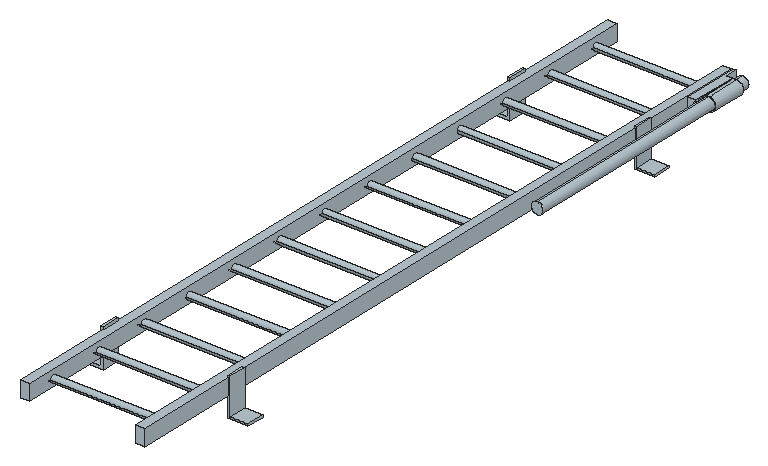
Revit family "NLRS_33_GM_FB_TC_STORAX_vloerluik_DLL-MM", category Generic Models, host Face, Revit 2015
Parameters (values of type "DLL-MM")
  voetplaten = false  # no
  uitstapbordes = yes
  uitschuifbare leuning = yes
  uitloopleuning = yes
  true = yes
  productgroep = "Dakluiken"  # constant formula
  omschrijving = "dakluikladder dubbele muurbevestiging"  # constant formula
  normering = "EN ISO 14122"  # constant formula
  muurbeugels = true  # yes
  modeler = "Bouwconnect"  # constant formula
  materiaal = bcb_aluminium
  lengte ladderdeel = 3250 mm
  inhaakbeugel en weghangbakje = false  # no
  geanodiseerd = yes
  garantietermijn in jaren = 5  # constant formula
  false = not(true)  # no
  doorlopende ladderboom = yes
  conservering = "brut"  # constant formula
  code productgroep = "LUI"  # constant formula
  breedte ladderdeel 1 = 550 mm  # constant formula
  belasting totaal = 150.00 kg  # constant formula
  antislip profilering = true  # yes
  aantal sporten = 13
  URL = "http://www.storax.nl/producten/Staal/274/BV-FL-THERMO"
  Model = "DLL-MM"  # constant formula
  Manufacturer = "Storax"  # constant formula
  Default Elevation = 0 mm  # constant formula
Reference planes
  plane 1 "Center (Front/Back)": y = 0
  plane 2: z = 0
  plane 3 "Center (Left/Right)": x = 0
  plane 4 "ladder": z = 90
  plane 5: y = 3250
Forms (mm)
  Extrusion 1, solid, material "bcb_aluminium" <- "materiaal"
    sketch origin (0, 0, 317.97) x (0, -1, 0) y (1, 0, 0)
      loop
        line (-2790, -285) -> (-2710, -285) -> (-2710, -275) -> (-2790, -275) -> (-2790, -285)
    from -317.97 to -148
  Extrusion 2, solid, material "bcb_aluminium" <- "materiaal"
    sketch origin (560, 0, 317.97) x (0, -1, 0) y (1, 0, 0)
      loop
        line (-2790, -285) -> (-2710, -285) -> (-2710, -275) -> (-2790, -275) -> (-2790, -285)
    from -317.97 to -148
  Extrusion 3, solid, material "bcb_aluminium" <- "materiaal"
    sketch origin (0, -2250, 317.97) x (0, -1, 0) y (1, 0, 0)
      loop
        line (-2790, -285) -> (-2710, -285) -> (-2710, -275) -> (-2790, -275) -> (-2790, -285)
    from -317.97 to -148
  Extrusion 4, solid, material "bcb_aluminium" <- "materiaal"
    sketch origin (560, -2250, 317.97) x (0, -1, 0) y (1, 0, 0)
      loop
        line (-2790, -285) -> (-2710, -285) -> (-2710, -275) -> (-2790, -275) -> (-2790, -285)
    from -317.97 to -148
  Extrusion 5, solid, material "bcb_aluminium" <- "materiaal"
    sketch origin (0, 0, 317.97) x (0, -1, 0) y (1, 0, 0)
      loop
        line (-2790, -275) -> (-2790, -365) -> (-2710, -365) -> (-2710, -275) -> (-2790, -275)
    from -317.97 to -308
  Extrusion 6, solid, material "bcb_aluminium" <- "materiaal"
    sketch origin (640, 0, 317.97) x (0, -1, 0) y (1, 0, 0)
      loop
        line (-2790, -275) -> (-2790, -365) -> (-2710, -365) -> (-2710, -275) -> (-2790, -275)
    from -317.97 to -308
  Extrusion 7, solid, material "bcb_aluminium" <- "materiaal"
    sketch origin (0, -2250, 317.97) x (0, -1, 0) y (1, 0, 0)
      loop
        line (-2790, -275) -> (-2790, -365) -> (-2710, -365) -> (-2710, -275) -> (-2790, -275)
    from -317.97 to -308
  Extrusion 8, solid, material "bcb_aluminium" <- "materiaal"
    sketch origin (640, -2250, 317.97) x (0, -1, 0) y (1, 0, 0)
      loop
        line (-2790, -275) -> (-2790, -365) -> (-2710, -365) -> (-2710, -275) -> (-2790, -275)
    from -317.97 to -308
Cuts and joins
  joined: Extrusion 2, Extrusion 6
  joined: Extrusion 1, Extrusion 5
  joined: Extrusion 4, Extrusion 8
  joined: Extrusion 3, Extrusion 7
Dimensions and locks
  plane 4 "ladder" to plane 2 = 90 mm
  plane 5 to plane 1 "Center (Front/Back)" = 3250 mm
  aligned and locked: plane 2 to host face
  aligned and locked: level to host face
  aligned and locked: plane 1 "Center (Front/Back)" to nested 1
  aligned and locked: plane 3 "Center (Left/Right)" to nested 1
Nested families
  nested 1: "NLRS_33_GM_FB_TC_STORAX_vloerluik_DLL-IH_ladderdeel" at (0, 0, 90), breedte <- "breedte ladderdeel 1", hoogte <- "lengte ladderdeel", aantal sporten <- "aantal sporten", type "NLRS_33_GM_FB_TC_STORAX_vloerluik_DLL-IH_ladderdeel"
    with hoogte 3250 mm, haken no, breedte 550 mm, afstand sport 1 130 mm, afstand sport 250 mm, aantal sporten 13
  nested 2: "NLRS_33_GM_FB_TC_STORAX_vloerluik_DLL-IH_leuning" at (275, 3250, 130) x (0, 0, -1) z (1, 0, 0), type "NLRS_33_GM_FB_TC_STORAX_vloerluik_DLL-IH_leuning"
Definition of nested family "NLRS_33_GM_FB_TC_STORAX_vloerluik_DLL-IH_ladderdeel"
  Parameters (values of type "NLRS_33_GM_FB_TC_STORAX_vloerluik_DLL-IH_ladderdeel")
    productgroep = "Dakluiken"  # constant formula
    omschrijving = "dakluikladder"  # constant formula
    normering = "EN-1090"  # constant formula
    modeler = "Bouwconnect"  # constant formula
    materiaal = none
    hoogte [instance] = 2500 mm
    haken [instance] = yes
    garantietermijn in jaren = 5  # constant formula
    code productgroep = "LUI"  # constant formula
    breedte [instance] = 430 mm
    afstand sport 1 [instance] = 125 mm
    afstand sport [instance] = 250 mm
    aantal sporten [instance] = 10
    URL = "http://www.storax.nl/producten/Staal/274/BV-FL-THERMO"
    Model = "DLL-IH"  # constant formula
    Manufacturer = "Storax"  # constant formula
    Default Elevation = 0 mm  # constant formula
  Reference planes
    plane 1 "Center (Front/Back)": y = 0
    plane 2: z = 0
    plane 3 "Center (Left/Right)": x = 0
    plane 4: x = 215
    plane 5: x = -215
    plane 6: x = 175
    plane 7: x = -175
    plane 8: y = 125
    plane 9: y = 375
    plane 10: y = 2500
    plane 11: y = 2375
  Forms (mm)
    Extrusion 1, solid, not visible
      sketch origin (0, 0, 0) x (1, 0, 0) y (0, 1, 0)
        loop
          line (-2490.5, 3400) -> (-2490.5, -2478.769) -> (2053.963, -2478.769) -> (2053.963, 3400) -> (-2490.5, 3400)
      from 0 to -100
    Extrusion 2, solid, material <- "materiaal"
      sketch origin (0, 0, 0) x (0, 1, 0) y (0, 0, 1)
        loop
          line (0, 70) -> (0, 0) -> (2500, 0) -> (2500, 70) -> (0, 70)
      from 175 to 215
    Extrusion 3, solid, material <- "materiaal"
      sketch origin (0, 0, 0) x (0, 1, 0) y (0, 0, 1)
        loop
          line (0, 70) -> (0, 0) -> (2500, 0) -> (2500, 70) -> (0, 70)
      from -215 to -175
    Extrusion 4, solid, material <- "materiaal", visible <- "haken"
      sketch origin (0, 0, 0.429) x (0, 1, 0) y (0, 0, 1)
        loop
          line (2327.272, -10.429) -> (2477.272, -10.429)
          arc (2477.272, -10.429) -> (2502.272, -35.429) -> (2477.272, -60.429) r 25
          line (2477.272, -60.429) -> (2462.272, -60.429) -> (2462.272, -70.429) -> (2477.272, -70.429)
          arc (2477.272, -70.429) -> (2512.272, -35.429) -> (2477.272, -0.429) r 35
          line (2477.272, -0.429) -> (2327.272, -0.429) -> (2327.272, -10.429)
      from 175 to 215
    Extrusion 5, solid, material <- "materiaal", visible <- "haken"
      sketch origin (0, 0, 0.429) x (0, 1, 0) y (0, 0, -1)
        loop
          line (2327.272, 10.429) -> (2327.272, 0.429) -> (2477.272, 0.429)
          arc (2477.272, 0.429) -> (2512.272, 35.429) -> (2477.272, 70.429) r 35
          line (2477.272, 70.429) -> (2462.272, 70.429) -> (2462.272, 60.429) -> (2477.272, 60.429)
          arc (2477.272, 60.429) -> (2502.272, 35.429) -> (2477.272, 10.429) r 25
          line (2477.272, 10.429) -> (2327.272, 10.429)
      from 175 to 215
  Dimensions and locks
    "breedte": plane 5 to plane 4
    equal spacing: plane 5, plane 3 "Center (Left/Right)", plane 4
    locked: plane 5 to plane 7 at 40
    locked: plane 6 to plane 4 at 40
    "afstand sport": plane 9 to plane 8
    "afstand sport 1": plane 1 "Center (Front/Back)" to plane 8
    "hoogte": plane 1 "Center (Front/Back)" to plane 10
    locked: plane 11 to plane 10 at 125
    equal spacing: group 1, group 2, group 3, group 4, group 5, group 6, group 7, group 8, group 9, group 10  (x3)
    aligned and locked: Extrusion 1 to plane 2
    aligned and locked: Extrusion 1 to level
    aligned and locked: plane 4 to Extrusion 2
    aligned and locked: Extrusion 2 to plane 6
    aligned and locked: Extrusion 3 to plane 5
    aligned and locked: Extrusion 3 to plane 7
    aligned and locked: nested 1 to plane 8
    aligned and locked: plane 3 "Center (Left/Right)" to nested 1
    aligned and locked: Extrusion 3 to plane 10
    aligned and locked: Extrusion 2 to plane 10
    aligned and locked: plane 4 to Extrusion 4
    aligned and locked: Extrusion 4 to plane 6
    aligned and locked: Extrusion 5 to plane 7
    aligned and locked: Extrusion 5 to plane 5
    aligned and locked: nested 2 to plane 9
  Automatic sketch dimensions
    Extrusion 1 sketch curve to Extrusion 1 sketch curve = 4544.463 mm
    Extrusion 1 sketch curve to Extrusion 1 sketch curve = 5878.769 mm
    Extrusion 2 sketch curve to plane 1 "Center (Front/Back)" = 0 mm
    level to Extrusion 2 sketch curve = 0 mm
    Extrusion 2 sketch curve to plane 10 = 0 mm
    level to Extrusion 2 sketch curve = 70 mm
    Extrusion 3 sketch curve to level = 0 mm
    Extrusion 3 sketch curve to plane 1 "Center (Front/Back)" = 0 mm
    Extrusion 3 sketch curve to plane 10 = 0 mm
    Extrusion 3 sketch curve to Extrusion 3 sketch curve = 70 mm
    Extrusion 4 sketch curve to Extrusion 4 sketch curve = 0 mm  (x2)
    level to Extrusion 4 sketch curve = 0 mm
    plane 11 to Extrusion 4 sketch curve = 47.728 mm
    plane 10 to Extrusion 4 sketch curve = 37.728 mm
    plane 10 to Extrusion 4 sketch curve = 22.728 mm
    Extrusion 4 sketch curve to Extrusion 4 sketch curve = 10 mm
    Extrusion 4 sketch curve to Extrusion 4 sketch curve = 25 mm
    Extrusion 5 sketch curve to Extrusion 5 sketch curve = 0 mm  (x2)
    Extrusion 5 sketch curve to level = 0 mm
    plane 11 to Extrusion 5 sketch curve = 47.728 mm
    plane 10 to Extrusion 5 sketch curve = 37.728 mm
    plane 10 to Extrusion 5 sketch curve = 22.728 mm
    Extrusion 5 sketch curve to Extrusion 5 sketch curve = 10 mm
    Extrusion 5 sketch curve to Extrusion 5 sketch curve = 25 mm
  Nested families
    nested 1: "NLRS_33_GM_FB_TC_STORAX_vloerluik_DLL-IH_sport" at (0, 125, 0), type "NLRS_33_GM_FB_TC_STORAX_vloerluik_DLL-IH_sport"
      with breedte 430 mm
    nested 2: "NLRS_33_GM_FB_TC_STORAX_vloerluik_DLL-IH_sport" at (0, 375, 0), type "NLRS_33_GM_FB_TC_STORAX_vloerluik_DLL-IH_sport"
      with breedte 430 mm
    nested 3: "NLRS_33_GM_FB_TC_STORAX_vloerluik_DLL-IH_sport" at (0, 625, 0), type "NLRS_33_GM_FB_TC_STORAX_vloerluik_DLL-IH_sport"
      with breedte 430 mm
    nested 4: "NLRS_33_GM_FB_TC_STORAX_vloerluik_DLL-IH_sport" at (0, 875, 0), type "NLRS_33_GM_FB_TC_STORAX_vloerluik_DLL-IH_sport"
      with breedte 430 mm
    nested 5: "NLRS_33_GM_FB_TC_STORAX_vloerluik_DLL-IH_sport" at (0, 1125, 0), type "NLRS_33_GM_FB_TC_STORAX_vloerluik_DLL-IH_sport"
      with breedte 430 mm
    nested 6: "NLRS_33_GM_FB_TC_STORAX_vloerluik_DLL-IH_sport" at (0, 1375, 0), type "NLRS_33_GM_FB_TC_STORAX_vloerluik_DLL-IH_sport"
      with breedte 430 mm
    nested 7: "NLRS_33_GM_FB_TC_STORAX_vloerluik_DLL-IH_sport" at (0, 1625, 0), type "NLRS_33_GM_FB_TC_STORAX_vloerluik_DLL-IH_sport"
      with breedte 430 mm
    nested 8: "NLRS_33_GM_FB_TC_STORAX_vloerluik_DLL-IH_sport" at (0, 1875, 0), type "NLRS_33_GM_FB_TC_STORAX_vloerluik_DLL-IH_sport"
      with breedte 430 mm
    nested 9: "NLRS_33_GM_FB_TC_STORAX_vloerluik_DLL-IH_sport" at (0, 2125, 0), type "NLRS_33_GM_FB_TC_STORAX_vloerluik_DLL-IH_sport"
      with breedte 430 mm
    nested 10: "NLRS_33_GM_FB_TC_STORAX_vloerluik_DLL-IH_sport" at (0, 2375, 0), type "NLRS_33_GM_FB_TC_STORAX_vloerluik_DLL-IH_sport"
      with breedte 430 mm
  Definition of nested family "NLRS_33_GM_FB_TC_STORAX_vloerluik_DLL-IH_sport"
    Parameters (values of type "NLRS_33_GM_FB_TC_STORAX_vloerluik_DLL-IH_sport")
      productgroep = "Dakluiken"  # constant formula
      omschrijving = "dakluikladder"  # constant formula
      modeler = "Bouwconnect"  # constant formula
      materiaal = none
      garantietermijn in jaren = 5  # constant formula
      code productgroep = "LUI"  # constant formula
      breedte = 500 mm
      URL = "http://www.storax.nl/producten/Staal/274/BV-FL-THERMO"
      Model = "DLL-IH"  # constant formula
      Manufacturer = "Storax"  # constant formula
      Default Elevation = 0 mm  # constant formula
    Reference planes
      plane 1 "Center (Front/Back)": y = 0
      plane 2: z = 0
      plane 3 "Center (Left/Right)": x = 0
      plane 4: x = 250
      plane 5: x = -250
      plane 6: x = 225
      plane 7: x = -225
    Forms (mm)
      Extrusion 1, solid, not visible
        sketch origin (0, 0, 0) x (1, 0, 0) y (0, 1, 0)
          loop
            line (-2490.5, 3400) -> (-2490.5, -2478.769) -> (2053.963, -2478.769) -> (2053.963, 3400) -> (-2490.5, 3400)
        from 0 to -100
      Extrusion 2, solid, material <- "materiaal"
        sketch origin (0, -125, 0) x (0, 1, 0) y (0, 0, 1)
          loop
            circle (125, 35) r 15
        from -225 to 225
    Dimensions and locks
      "breedte": plane 5 to plane 4
      equal spacing: plane 5, plane 3 "Center (Left/Right)", plane 4
      locked: plane 5 to plane 7 at 25
      locked: plane 6 to plane 4 at 25
      aligned and locked: Extrusion 1 to plane 2
      aligned and locked: Extrusion 1 to level
      aligned and locked: plane 7 to Extrusion 2
      aligned and locked: Extrusion 2 to plane 7  (x2)
      aligned and locked: plane 6 to Extrusion 2
      aligned and locked: Extrusion 2 to plane 6
    Automatic sketch dimensions
      Extrusion 1 sketch curve to Extrusion 1 sketch curve = 4544.463 mm
      Extrusion 1 sketch curve to Extrusion 1 sketch curve = 5878.769 mm
      level to Extrusion 2 sketch curve = 35 mm
      Extrusion 2 sketch curve to plane 1 "Center (Front/Back)" = 0 mm
      radius of Extrusion 2 sketch curve = 15 mm
Definition of nested family "NLRS_33_GM_FB_TC_STORAX_vloerluik_DLL-IH_leuning"
  Parameters (values of type "NLRS_33_GM_FB_TC_STORAX_vloerluik_DLL-IH_balustrade")
    uitgeschoven = 1145 mm
    productgroep = "Dakluiken"  # constant formula
    omschrijving = "dakluikladder"  # constant formula
    normering = "EN-1090"  # constant formula
    modeler = "Bouwconnect"  # constant formula
    materiaal = none
    garantietermijn in jaren = 10  # constant formula
    code productgroep = "LUI"  # constant formula
    URL = "http://www.storax.nl/producten/Staal/274/BV-FL-THERMO"
    Model = "DLL-IH"  # constant formula
    Manufacturer = "Storax"  # constant formula
    Default Elevation = 0 mm  # constant formula
  Reference planes
    plane 1 "Center (Front/Back)": y = 0
    plane 2: z = 0
    plane 3 "Center (Left/Right)": x = 0
    plane 4: y = -1145
    plane 5: y = -10
  Forms (mm)
    Extrusion 1, solid, not visible
      sketch origin (-209.5, -3090, 0) x (1, 0, 0) y (0, 1, 0)
        loop
          line (-50.5, 3400) -> (-50.5, 1850.477) -> (543.877, 1850.477) -> (543.877, 3400) -> (-50.5, 3400)
      from 0 to -100
    Extrusion 2, solid, material <- "materiaal"
      sketch origin (-287.97, 0, 0) x (0, -1, 0) y (0, 0, 1)
        loop
          line (0, 0) -> (250, 0) -> (250, 40) -> (50, 40) -> (50, 15) -> (0, 15) -> (0, 0)
      from -317.97 to -257.97
    Extrusion 3, solid, material <- "materiaal"
      sketch origin (30, 0, 0) x (0, 0, 1) y (-1, 0, 0)
        loop
          line (40, 60) -> (40, 58) -> (60, 58)
          arc (60, 58) -> (88, 30) -> (60, 2) r 28
          line (60, 2) -> (40, 2) -> (40, 0) -> (60, 0)
          arc (60, 0) -> (90, 30) -> (60, 60) r 30
          line (60, 60) -> (40, 60)
      from 50.163 to 200
    Extrusion 4, void
      sketch origin (30, 0, 0) x (0, 0, 1) y (-1, 0, 0)
        loop
          arc (55, 58) -> (27, 30) -> (55, 2) r 28
          line (55, 2) -> (55, 58)
      from 0 to 250
    Extrusion 5, solid, material <- "materiaal"
      sketch origin (0, 0, 0) x (1, 0, 0) y (0, 0, 1)
        loop
          circle (0, 55) r 25
      from 10 to 1145
  Cuts and joins
    Extrusion 4 cuts Extrusion 2
    joined: Extrusion 2, Extrusion 3
  Dimensions and locks
    locked: plane 4 to plane 5 at 1135
    "uitgeschoven": plane 4 to plane 1 "Center (Front/Back)"
    aligned and locked: plane 2 to Extrusion 1
    aligned and locked: level to Extrusion 1
    aligned and locked: plane 4 to Extrusion 5
    aligned and locked: Extrusion 5 to plane 5
  Automatic sketch dimensions
    Extrusion 1 sketch curve to Extrusion 1 sketch curve = 594.377 mm
    Extrusion 1 sketch curve to Extrusion 1 sketch curve = 1549.523 mm
    Extrusion 2 sketch curve to level = 0 mm
    Extrusion 2 sketch curve to plane 1 "Center (Front/Back)" = 0 mm
    plane 5 to Extrusion 2 sketch curve = 40 mm
    Extrusion 2 sketch curve to Extrusion 2 sketch curve = 200 mm
    Extrusion 2 sketch curve to Extrusion 2 sketch curve = 15 mm
    Extrusion 2 sketch curve to Extrusion 2 sketch curve = 40 mm
    Extrusion 3 sketch curve to Extrusion 3 sketch curve = 0 mm  (x2)
    Extrusion 3 sketch curve to plane 3 "Center (Left/Right)" = 0 mm
    level to Extrusion 3 sketch curve = 40 mm  (x2)
    Extrusion 3 sketch curve to Extrusion 3 sketch curve = 20 mm
    plane 3 "Center (Left/Right)" to Extrusion 3 sketch curve = 28 mm
    Extrusion 3 sketch curve to Extrusion 3 sketch curve = 2 mm
    Extrusion 4 sketch curve to plane 3 "Center (Left/Right)" = 0 mm
    level to Extrusion 4 sketch curve = 55 mm
    plane 3 "Center (Left/Right)" to Extrusion 4 sketch curve = 28 mm
    Extrusion 5 sketch curve to plane 3 "Center (Left/Right)" = 0 mm
    level to Extrusion 5 sketch curve = 55 mm
    radius of Extrusion 5 sketch curve = 25 mm
